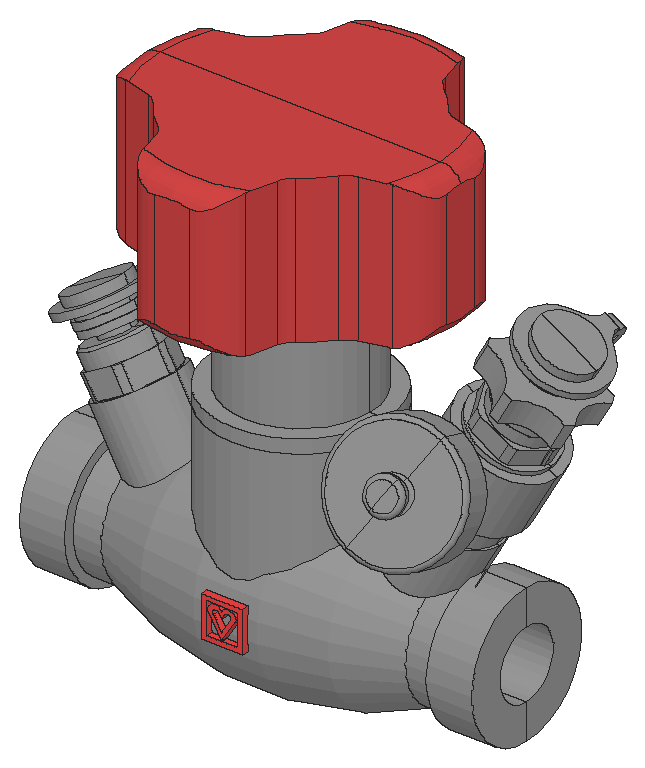
Revit family "HERZ Strömax клапан балансировочный с измерительными клапанами 4217 GML (LF-MF)", category Rohrzubehör, Revit 2019
Family settings
  Bemaßung runder Anschluss = Durchmesser verwenden
  Teiletyp = Unterbricht
  OmniClass-Nummer = 23.65.55.14
  OmniClass-Titel = Valves for Liquid Services
  Arbeitsebenenbasiert = Nein
  Immer vertikal = Ja
  Beim Laden mit Abzugskörper schneiden = Nein
  Gemeinsam genutzt = Nein
Parameters (values of type "LF")
  Среда = "Качество теплоносителя в соответствии с ÖNORM H5195 и VDI 2035.\r\nДопускается использование этилен- и пропиленгликоля в соотношении 25-50% с водой."
  Положение клапана при монтаже = "Неподнимающийся шпиндель, расположенный перпендикулярно оси клапана, обеспечивает доступность и лёгкость в обслуживании в любом монтажном положении."
  Область применения = "Балансировочные клапаны применяются для гидравлической балансировки систем отопления и охлаждения, регулировки магистральных трубопроводов, стояков, теплообменников, регистров отопления и охлаждения."
  Номер заказа [instance] = if(and(LF, Nennweite = 15.00 mm), 1421710, if(and(MF, Nennweite = 15.00 mm), 1421719, 0))  # 1421710
  Макс. рабочее давление = 1600000.0 Pa  # constant formula
  Макс. рабочая температура (с DN40) = 110 °C  # constant formula
  Макс. рабочая температура (до DN32) = 130 °C  # constant formula
  Корпус = "латунь, устойчивая к селективной цинковой коррозии"  # constant formula
  Исполнение = "STRÖMAX-GML Балансировочный клапан с измерительными клапанами и подключением импульсной трубки, 1/2′′ – 3′′.\r\nИсполнение с прямым невыдвижным шпинделем, муфта х муфта, латунный корпус без покрытия, уплотнение шпинделя двойным кольцевым уплотнением O-Ring, преднастройка посредством ограничения хода внутреннего шпинделя, цифровые показания степени настройки отображаются в окне маховика.\r\nОдин измерительный клапан расположен перед седлом балансировочного клапана, другой измерительный клапан с возможностью подключения импульсной трубки - после седла."
  Измерение перепада давления = "Клапаны STRÖMAX-GML оснащен двумя измерительными клапанами:\r\nс помощью измерительного прибора можно измерить перепад давления и по нему определить текущий расход в зависимости от степени преднастройки.\r\nHERZ Измерительный компьютер (1 8900 05) позволяет напрямую считывать расход (см. руководство к измерительным приборам)."
  kvs-значения [instance] = if(and(LF, Nennweite = 15.00 mm), 0.93, if(and(MF, Nennweite = 15.00 mm), 3.49, 0))  # 0.93
  W02 = 60.00°  # constant formula
  W01 = 30.00°  # constant formula
  URL = "www.herz-armaturen.ru"
  SC_NennweiteBerechnet = 0
  SC_Dimension = ""
  SCRNSEQ = "ARM;ARM_TYP=\"STRV\";2"
  SCRNCODE = "05;07;02"  # constant formula
  S02 = 60.00 mm  # constant formula
  S01 [instance] = H00 + H01  # 68.20 mm
  R01 [instance] = 21.00 mm  # constant formula
  Nennweite [instance] = 15.00 mm
  ML02 [instance] = 30.20 mm  # constant formula
  ML01 [instance] = 20.67 mm  # constant formula
  MF [instance] = no
  MD01 = 9.50 mm  # constant formula
  LF [instance] = yes
  L02 [instance] = 10.00 mm  # constant formula
  L01 [instance] = 16.30 mm  # constant formula
  L00 [instance] = 100.00 mm  # constant formula
  IG [instance] = Nennweite / 2  # 7.50 mm
  Hersteller = "HERZ Armaturen Ges.m.b.H."  # constant formula
  H04 [instance] = 2.50 mm  # constant formula
  H03 = 10.00 mm  # constant formula
  H02 [instance] = 3.00 mm  # constant formula
  H01 [instance] = 33.30 mm  # constant formula
  H00 [instance] = 34.90 mm  # constant formula
  Вес [instance] = if(and(LF, Nennweite = 15.00 mm), "0.98 kg", if(and(MF, Nennweite = 15.00 mm), "0.97 kg", "0 kg"))  # "0.98 kg"
  GT [instance] = 15.00 mm  # constant formula
  DN50-DN80 [instance] = H00 + H01  # 68.20 mm
  DN15-DN40 [instance] = H00 + H01  # 68.20 mm
  DN15 [instance] = Nennweite = 15.00 mm  # yes
  D06 [instance] = 15.40 mm  # constant formula
  D05 [instance] = 13.15 mm  # constant formula
  D04 = 9.00 mm  # constant formula
  D03 [instance] = 19.00 mm  # constant formula
  D02 [instance] = 15.25 mm  # constant formula
  D01 [instance] = 13.20 mm  # constant formula
Types (3, lengths in mm): name | Номер заказа | kvs-значения | MF | LF | Вес
  (no name) | 1421710 | 0.93 | no | yes | "0.98 kg"
  LF | 1421710 | 0.93 | no | yes | "0.98 kg"
  MF | 1421719 | 3.49 | yes | no | "0.97 kg"
Reference planes
  plane 1 "Mitte (Vorne/hinten)": y = 0
  plane 2: z = 0
  plane 3 "Mitte (Links/rechts)": x = 0
Forms (mm)
  Revolve 1, solid, material "Messing, weicher Gelbton, geschweißt", detail levels fine
    sketch origin (0, 0, 0) x (1, 0, 0) y (0, 0, 1)
      loop
        line (-50, 15.25) -> (-50, 7.5) -> (-35, 7.5) -> (-35, 0) -> (35, 0) -> (35, 7.5) -> (50, 7.5) -> (50, 15.25) -> (40, 15.25) -> (40, 13.2) -> (33.7, 13.2)
        arc (33.7, 13.2) -> (0, 21) -> (-33.7, 13.2) r 76.701
        line (-33.7, 13.2) -> (-40, 13.2) -> (-40, 15.25) -> (-50, 15.25)
      axis (-50, 0) -> (50, 0)
    angle from 0 to 360
  Revolve 2, solid, material "Messing, weicher Gelbton, geschweißt", detail levels fine
    sketch origin (0, 0, 0) x (1, 0, 0) y (0, 0, 1)
      loop
        line (20.67, 0) -> (35.77, 26.154) -> (27.543, 30.904) -> (12.443, 4.75) -> (20.67, 0)
      axis (20.67, 0) -> (35.77, 26.154)
    angle from 0 to 360
  Revolve 3, solid, material "Messing, weicher Gelbton, geschweißt", detail levels fine
    sketch origin (0, 0, 0) x (1, 0, 0) y (0, 0, 1)
      loop
        line (0, 0) -> (0, 34.9) -> (-19, 34.9) -> (-19, 0) -> (0, 0)
      axis (0, 34.9) -> (0, 0)
    angle from 0 to 360
  Revolve 4, solid, material "Messing, weicher Gelbton, geschweißt", detail levels fine
    sketch origin (0, 0, 0) x (-1, 0, 0) y (0, 0, 1)
      loop
        line (20.67, 0) -> (35.77, 26.154) -> (27.543, 30.904) -> (12.443, 4.75) -> (20.67, 0)
      axis (20.67, 0) -> (35.77, 26.154)
    angle from 0 to 360
  Revolve 5, solid, material "Messing, weicher Gelbton, geschweißt", detail levels fine
    sketch origin (0, 0, 0) x (1, 0, 0) y (0, 0, 1)
      loop
        line (0, 34.9) -> (0, 68.2) -> (-9, 68.2) -> (-9, 58.2) -> (-13.15, 58.2) -> (-13.15, 55.7) -> (-15.4, 55.7) -> (-15.4, 37.9) -> (-19, 37.9) -> (-19, 34.9) -> (0, 34.9)
      axis (0, 68.2) -> (0, 34.9)
    angle from 0 to 360
Lines and regions (mm)
  model lines, detail levels coarse+medium
    curve 1: line (-50, 0, 15.25) -> (-50, 0, -15.25)
    curve 2: line (-50, 0, -15.25) -> (50, 0, 15.25)
    curve 3: line (50, 0, 15.25) -> (50, 0, -15.25)
    curve 4: line (50, 0, -15.25) -> (-50, 0, 15.25)
    curve 5: line (0, 0, 0) -> (39.375, 0, 68.2)
    curve 6: line (13.395, 0, 83.2) -> (65.356, 0, 53.2)
    curve 7: line (-50, 15.25, 0) -> (-50, -15.25, 0)
    curve 8: line (-50, -15.25, 0) -> (50, 15.25, 0)
    curve 9: line (50, 15.25, 0) -> (50, -15.25, 0)
    curve 10: line (50, -15.25, 0) -> (-50, 15.25, 0)
    curve 11: line (0, 0, 0) -> (39.375, 68.2, 0)
    curve 12: line (13.395, 83.2, 0) -> (65.356, 53.2, 0)
Dimensions and locks
  "IG": Revolve 1 sketch curve to plane 2
  "GT": Revolve 1 sketch curve to Revolve 1 sketch curve  (x2)
  "IG": Revolve 1 sketch curve to Revolve 1 sketch curve
  "D01": Revolve 1 sketch curve to Revolve 1 sketch curve  (x2)
  "R01": Revolve 1 sketch curve to Revolve 1 sketch curve
  "L02": Revolve 1 sketch curve to Revolve 1 sketch curve  (x2)
  "L01": Revolve 1 sketch curve to Revolve 1 sketch curve  (x2)
  "D02": Revolve 1 sketch curve to plane 2  (x2)
  equal spacing: Revolve 1 sketch curve, plane 3 "Mitte (Links/rechts)", Revolve 1 sketch curve
  "L00": Revolve 1 sketch curve to Revolve 1 sketch curve
  "R01": nested 1 to plane 1 "Mitte (Vorne/hinten)"
  "ML01": Revolve 2 sketch curve to plane 3 "Mitte (Links/rechts)"
  "H00": Revolve 3 sketch curve to plane 2
  "D03": Revolve 3 sketch curve to Revolve 3 sketch curve
  "ML02": Revolve 2 sketch curve to Revolve 2 sketch curve
  "MD01": Revolve 2 sketch curve to Revolve 2 sketch curve  (x2)
  "ML02": Revolve 4 sketch curve to Revolve 4 sketch curve
  "MD01": Revolve 4 sketch curve to Revolve 4 sketch curve  (x2)
  "ML01": plane 3 "Mitte (Links/rechts)" to Revolve 4 sketch curve
  "H00": Revolve 5 sketch curve to plane 2
  "H01": Revolve 5 sketch curve to Revolve 5 sketch curve
  "D04": Revolve 5 sketch curve to Revolve 5 sketch curve
  "D03": Revolve 5 sketch curve to Revolve 5 sketch curve
  "D05": Revolve 5 sketch curve to Revolve 5 sketch curve
  "D06": Revolve 5 sketch curve to Revolve 5 sketch curve
  "H02": Revolve 5 sketch curve to Revolve 5 sketch curve
  "H03": Revolve 5 sketch curve to Revolve 5 sketch curve
  "H04": Revolve 5 sketch curve to Revolve 5 sketch curve
  "DN15-DN40": nested 2 to plane 2
  "D02": curve 4 to plane 2 to curve 2
  "D02": curve 3 to plane 2 to curve 4
  equal spacing: curve 1, plane 3 "Mitte (Links/rechts)", curve 3
  "L00": curve 1 to curve 3
  equal spacing: Revolve 1, curve 5, Revolve 1
  "S01": curve 5 to plane 2
  equal spacing: curve 6, curve 5, curve 6
  "S02": curve 6 to curve 6
  "D02": curve 8 to plane 1 "Mitte (Vorne/hinten)" to curve 10
  "D02": curve 10 to plane 1 "Mitte (Vorne/hinten)" to curve 9
  equal spacing: curve 7, plane 3 "Mitte (Links/rechts)", curve 9
  "L00": curve 7 to curve 9
  equal spacing: curve 7, curve 11, curve 9
  "S01": plane 1 "Mitte (Vorne/hinten)" to curve 11
  equal spacing: curve 12, curve 11, curve 12
  "S02": curve 12 to curve 12
  "W01": angle Revolve 2 sketch curve to plane 3 "Mitte (Links/rechts)"  (x2)
  "W01": angle plane 3 "Mitte (Links/rechts)" to Revolve 4 sketch curve  (x2)
  "W02": angle plane 2 to curve 5
  "W02": angle plane 1 "Mitte (Vorne/hinten)" to curve 11
  aligned and locked: level to plane 2
Automatic sketch dimensions
  Revolve 1 sketch curve to level = 0.00 mm  (x2)
  Revolve 1 sketch curve to Revolve 1 sketch curve = 1429.986 mm
  Revolve 1 sketch curve to Revolve 1 sketch curve = 1762.604 mm
  Revolve 2 sketch curve to level = 0.00 mm  (x2)
  Revolve 3 sketch curve to level = 0.00 mm
  Revolve 3 sketch curve to plane 3 "Mitte (Links/rechts)" = 0.00 mm  (x2)
  Revolve 3 sketch curve to Revolve 3 sketch curve = 366.045 mm
  Revolve 3 sketch curve to Revolve 3 sketch curve = 2179.415 mm
  Revolve 4 sketch curve to level = 0.00 mm  (x2)
  Revolve 5 sketch curve to plane 3 "Mitte (Links/rechts)" = 0.00 mm  (x2)
  Revolve 5 sketch curve to level = 366.045 mm
  Revolve 5 sketch curve to Revolve 5 sketch curve = 2146.115 mm
Nested families
  nested 1: "Herz-Logo-vorne" at (0, -21, 0) x (0, 1, 0) z (0, 0, 1), type "Herz-Logo-vorne", detail levels fine
  nested 2: "Strangregulierventil-Handrad-Gerade (Rot) DN15-DN40" at (0, 0, 68.2), visible <- "DN15", type "Strangregulierventil-Handrad-Gerade (Rot) DN15-DN40", detail levels fine
    with Nennweite 0.00 mm, Gewicht 0.00 kg, Bestellnummer 0
  nested 3: "Messstutzen_Band-KFE_Austritt_30Grad_(oben)" at (41.17, 0, 35.507), visible <- "DN15", type "Messstutzen_Band_Austritt_30Grad_(oben)", detail levels fine
    with Schutzkappe yes, Nennweite 0.00 mm, Gewicht 0.00 kg, Bestellnummer 0
  nested 4: "Messstutzen_Band_Eintritt_30Grad_(oben)" at (-27.02, 0, 10.999) x (-1, 0, 0) z (0, 0, 1), visible <- "DN15", type "Messstutzen_Band_Eintritt_30Grad_(oben)", detail levels fine
    with Schutzkappe yes, Nennweite 0.00 mm, Gewicht 0.00 kg, Bestellnummer 0
Connectors
  piping at (-35, 0, 0), diameter 15, driven by "Nennweite"
    settings: on Revolve 1, index 1, connector inside diameter 609.6 mm, connector length 0.00 mm, flow factor 0, pipe flow 0.0 L/s, pressure drop 0.0 Pa, fitting loss kfactor 0, connector angle 0.00°, fixture units 0, engagement length 0.00 mm, angle of deflection 0.00°, flow configuration 0, flow direction 1, fitting loss method 0, system type 29, joint type 0, gender type 0, connector reference index -1, connector utility 0, adjustable connector no, is connector primary yes, connector description ""
  piping at (35, 0, 0), diameter 15, driven by "Nennweite"
    settings: on Revolve 1, index 2, connector inside diameter 609.6 mm, connector length 0.00 mm, flow factor 0, pipe flow 0.0 L/s, pressure drop 0.0 Pa, fitting loss kfactor 0, connector angle 0.00°, fixture units 0, engagement length 0.00 mm, angle of deflection 0.00°, flow configuration 0, flow direction 2, fitting loss method 0, system type 29, joint type 0, gender type 0, connector reference index -1, connector utility 0, adjustable connector no, is connector primary no, connector description ""
Definition of nested family "Herz-Logo-vorne"
  Reference planes
    plane 1 "Mitte (Vorne/hinten)": y = 0
    plane 2: z = 0
    plane 3 "Mitte (Links/rechts)": x = 0
  Forms (mm)
    Extrusion 1, solid
      sketch origin (0.732, -0.018, 0.017) x (0, -1, 0) y (0, 0, 1)
        loop
          line (-0.018, -4.517) -> (4.482, -4.517) -> (4.482, 4.483) -> (-4.518, 4.483) -> (-4.518, -4.517) -> (-0.018, -4.517)
        loop
          line (-0.05, -3.48) -> (3.482, -3.48) -> (3.482, 3.483) -> (-3.518, 3.483) -> (-3.518, -3.48) -> (-0.05, -3.48)
        loop
          arc (-0.018, 2.383) -> (-1.543, 3.287) -> (-3.067, 2.383) r 1.738
          arc (-3.067, 2.383) -> (-3.191, 1.899) -> (-3.067, 1.415) r 1.009
          line (-3.067, 1.415) -> (-0.018, -3.281) -> (3.032, 1.415)
          arc (3.032, 1.415) -> (3.156, 1.899) -> (3.032, 2.383) r 1.009
          arc (3.032, 2.383) -> (1.507, 3.287) -> (-0.018, 2.383) r 1.738
        loop
          arc (1.885, 1.272) -> (2.005, 1.675) -> (1.885, 2.079) r 0.74
          arc (1.885, 2.079) -> (1.265, 2.416) -> (0.644, 2.079) r 0.74
          line (0.644, 2.079) -> (-0.018, 0.97) -> (-0.679, 2.079)
          arc (-0.679, 2.079) -> (-1.3, 2.416) -> (-1.921, 2.079) r 0.74
          arc (-1.921, 2.079) -> (-2.04, 1.675) -> (-1.921, 1.272) r 0.74
          line (-1.921, 1.272) -> (-0.018, -1.658) -> (1.885, 1.272)
      from 0 to 1.5
  Dimensions and locks
    aligned and locked: level to plane 2
Definition of nested family "Strangregulierventil-Handrad-Gerade (Rot) DN15-DN40"
  Parameters (values of type "Strangregulierventil-Handrad-Gerade (Rot) DN15-DN40")
    URL = "www.herz-armaturen.at"
    Nennweite [instance] = 0.00 mm
    Manufacturer = "Herz Armaturen GmbH"  # constant formula
    Gewicht [instance] = 0.00 kg
    Bestellnummer [instance] = 0
  Reference planes
    plane 1 "Mitte (Vorne/hinten)": y = 0
    plane 2: z = 0
    plane 3 "Mitte (Links/rechts)": x = 0
  Forms (mm)
    Revolve 1, solid, detail levels fine
      sketch origin (0, 0, 0) x (1, 0, 0) y (0, 0, 1)
        loop
          line (0, 0) -> (0, 24.95) -> (-30.992, 24.95)
          arc (-30.992, 24.95) -> (-34.37, 23.636) -> (-35.973, 20.386) r 5
          line (-35.973, 20.386) -> (-37, 8.65) -> (-35.986, -2.936)
          arc (-35.986, -2.936) -> (-34.383, -6.186) -> (-31.005, -7.5) r 5
          line (-31.005, -7.5) -> (-15, -7.5) -> (-15, 0) -> (0, 0)
        axis (0, 24.95) -> (0, -7.5)
      angle from 0 to 360
    Extrusion 2, void
      sketch origin (0, 0, 20.3) x (1, 0, 0) y (0, 1, 0)
        loop
          line (3.861, 35.5) -> (-3.861, 35.5)
          arc (-3.861, 35.5) -> (-8.731, 33.847) -> (-11.589, 29.571) r 8
          line (-11.589, 29.571) -> (-13.284, 23.245)
          arc (-13.284, 23.245) -> (-13.982, 21.722) -> (-15.144, 20.516) r 5
          arc (-15.144, 20.516) -> (-18.031, 18.031) -> (-20.516, 15.144) r 25.5
          arc (-20.516, 15.144) -> (-21.722, 13.982) -> (-23.245, 13.284) r 5
          line (-23.245, 13.284) -> (-29.571, 11.589)
          arc (-29.571, 11.589) -> (-33.847, 8.731) -> (-35.5, 3.861) r 8
          line (-35.5, 3.861) -> (-35.5, -3.861)
          arc (-35.5, -3.861) -> (-33.847, -8.731) -> (-29.571, -11.589) r 8
          line (-29.571, -11.589) -> (-23.245, -13.284)
          arc (-23.245, -13.284) -> (-21.722, -13.982) -> (-20.516, -15.144) r 5
          arc (-20.516, -15.144) -> (-18.031, -18.031) -> (-15.144, -20.516) r 25.5
          arc (-15.144, -20.516) -> (-13.982, -21.722) -> (-13.284, -23.245) r 5
          line (-13.284, -23.245) -> (-11.589, -29.571)
          arc (-11.589, -29.571) -> (-8.731, -33.847) -> (-3.861, -35.5) r 8
          line (-3.861, -35.5) -> (3.861, -35.5)
          arc (3.861, -35.5) -> (8.731, -33.847) -> (11.589, -29.571) r 8
          line (11.589, -29.571) -> (13.284, -23.245)
          arc (13.284, -23.245) -> (13.982, -21.722) -> (15.144, -20.516) r 5
          arc (15.144, -20.516) -> (18.031, -18.031) -> (20.516, -15.144) r 25.5
          arc (20.516, -15.144) -> (21.722, -13.982) -> (23.245, -13.284) r 5
          line (23.245, -13.284) -> (29.571, -11.589)
          arc (29.571, -11.589) -> (33.847, -8.731) -> (35.5, -3.861) r 8
          line (35.5, -3.861) -> (35.5, 3.861)
          arc (35.5, 3.861) -> (33.847, 8.731) -> (29.571, 11.589) r 8
          line (29.571, 11.589) -> (23.245, 13.284)
          arc (23.245, 13.284) -> (21.722, 13.982) -> (20.516, 15.144) r 5
          arc (20.516, 15.144) -> (18.031, 18.031) -> (15.144, 20.516) r 25.5
          arc (15.144, 20.516) -> (13.982, 21.722) -> (13.284, 23.245) r 5
          line (13.284, 23.245) -> (11.589, 29.571)
          arc (11.589, 29.571) -> (8.731, 33.847) -> (3.861, 35.5) r 8
        loop
          circle (0, 0) r 38
      from -31.266 to 7.923
  Cuts and joins
    Extrusion 2 cuts Revolve 1
  Dimensions and locks
    Revolve 1 sketch curve to Revolve 1 sketch curve = 15.00 mm
    Revolve 1 sketch curve to Revolve 1 sketch curve = 16.15 mm
    Revolve 1 sketch curve to Revolve 1 sketch curve = 16.30 mm
    angle Revolve 1 sketch curve to Revolve 1 sketch curve = 95.00°
    aligned and locked: level to plane 2
Definition of nested family "Messstutzen_Band-KFE_Austritt_30Grad_(oben)"
  Parameters (values of type "Messstutzen_Band-KFE_Austritt_30Grad_(oben)")
    URL = "www.herz-armaturen.at"
    Schutzkappe [instance] = yes
    Nennweite [instance] = 0.00 mm
    Manufacturer = "Herz Armaturen GmbH"  # constant formula
    Gewicht [instance] = 0.00 kg
    Bestellnummer [instance] = 0
  Reference planes
    plane 1 "Mitte (Vorne/hinten)": y = 0
    plane 2: z = 0
    plane 3 "Mitte (Links/rechts)": x = 0
  Forms (mm)
    Revolve 1, solid, detail levels fine
      sketch origin (0, 0, 0) x (0.866025, 0, -0.5) y (0.5, 0, 0.866025)
        loop
          line (-7.4, 9) -> (-5.55, 9) -> (-5.55, 6)
          arc (-5.55, 6) -> (-5.626, 5.617) -> (-5.843, 5.293) r 1
          line (-5.843, 5.293) -> (-6.455, 4.681) -> (-6.455, 0.9) -> (-5.555, 0) -> (-2, 0) -> (-2, 23) -> (-2, 35.8) -> (-3.805, 35.8) -> (-4.415, 35.19) -> (-4.415, 30.863) -> (-3.7, 30.45) -> (-3.7, 27) -> (-7.4, 27) -> (-7.4, 9)
        axis (0, 0) -> (0, 35.8)
      angle from 0 to 360
    Extrusion 2, solid, detail levels fine
      sketch origin (8.75, 0, 15.155) x (0, 1, 0) y (-0.866025, 0, 0.5)
        loop
          arc (-7.07, 5.156) -> (-7.578, 4.375) -> (-8, 3.544) r 8.75
          line (-8, 3.544) -> (-8, -3.544)
          arc (-8, -3.544) -> (-7.578, -4.375) -> (-7.07, -5.156) r 8.75
          line (-7.07, -5.156) -> (-0.93, -8.7)
          arc (-0.93, -8.7) -> (0, -8.75) -> (0.93, -8.7) r 8.75
          line (0.93, -8.7) -> (7.07, -5.156)
          arc (7.07, -5.156) -> (7.578, -4.375) -> (8, -3.544) r 8.75
          line (8, -3.544) -> (8, 3.544)
          arc (8, 3.544) -> (7.578, 4.375) -> (7.07, 5.156) r 8.75
          line (7.07, 5.156) -> (0.93, 8.7)
          arc (0.93, 8.7) -> (0, 8.75) -> (-0.93, 8.7) r 8.75
          line (-0.93, 8.7) -> (-7.07, 5.156)
      from -5.51 to -1.21
    Revolve 3, solid, visible <- "Schutzkappe", detail levels fine
      sketch origin (0, 0, 0) x (0.866025, 0, -0.5) y (0.5, 0, 0.866025)
        loop
          line (0, 35.878) -> (0, 36.678) -> (-7, 36.678) -> (-7, 33.378) -> (-6.1, 33.378) -> (-6.1, 31.678) -> (-6.9, 31.678) -> (-6.9, 30.178) -> (-4.415, 30.178) -> (-4.415, 35.268) -> (-3.805, 35.878) -> (0, 35.878)
        axis (0, 30.178) -> (0, 36.678)
      angle from 0 to 360
    Extrusion 4, solid, detail levels fine
      sketch origin (15, 0, 25.981) x (0, 1, 0) y (0.866025, 0, -0.5)
        loop
          circle (0, 0) r 3.7
        loop
          arc (5.505, -3.906) -> (7.288, -2.358) -> (9.582, -1.8) r 5
          line (9.582, -1.8) -> (9.582, 1.8)
          arc (9.582, 1.8) -> (7.288, 2.358) -> (5.505, 3.906) r 5
          arc (5.505, 3.906) -> (-6.75, 0) -> (5.505, -3.906) r 6.75
      from 0 to -1.5
    Extrusion 5, solid, detail levels fine
      sketch origin (16.589, 0, 28.733) x (0, 1, 0) y (0.866025, 0, -0.5)
        loop
          circle (0, 0) r 6.1
        loop
          arc (8.652, -4.495) -> (10.493, -2.527) -> (13.089, -1.8) r 5
          line (13.089, -1.8) -> (13.089, 1.8)
          arc (13.089, 1.8) -> (10.493, 2.527) -> (8.652, 4.495) r 5
          arc (8.652, 4.495) -> (-9.75, 0) -> (8.652, -4.495) r 9.75
      from 0 to -1.5
    Sweep 6, solid, detail levels fine
      path origin (0, 0, 0) x (-0.5, 0, -0.866025) y (0, 1, 0)
        loop
          line (-29.25, 9.582) -> (-29.25, 14.522)
          arc (-29.25, 14.522) -> (-30.839, 16.112) -> (-32.428, 14.522) r 1.589
          line (-32.428, 14.522) -> (-32.428, 13.089)
      profile origin (14.625, 12.052, 25.331) x (0.5, 0, 0.866025) y (0.866025, 0, -0.5)
        loop
          line (-0.75, -1.8) -> (0.75, -1.8) -> (0.75, 1.8) -> (-0.75, 1.8) -> (-0.75, -1.8)
    Extrusion 7, solid, detail levels fine
      sketch origin (-87.639, 0, 50.598) x (0.866025, 0, -0.5) y (0, 1, 0)
        loop
          arc (112.053, 5.113) -> (111.589, 6) -> (111.053, 6.845) r 12
          arc (111.053, 6.845) -> (105.696, 7.794) -> (102.196, 11.958) r 7.971
          arc (102.196, 11.958) -> (101.196, 12) -> (100.196, 11.958) r 12
          arc (100.196, 11.958) -> (96.696, 7.794) -> (91.34, 6.845) r 7.971
          arc (91.34, 6.845) -> (90.804, 6) -> (90.34, 5.113) r 12
          arc (90.34, 5.113) -> (92.196, 0) -> (90.34, -5.113) r 7.971
          arc (90.34, -5.113) -> (90.804, -6) -> (91.34, -6.845) r 12
          arc (91.34, -6.845) -> (96.696, -7.794) -> (100.196, -11.958) r 7.971
          arc (100.196, -11.958) -> (101.196, -12) -> (102.196, -11.958) r 12
          arc (102.196, -11.958) -> (105.696, -7.794) -> (111.053, -6.845) r 7.971
          arc (111.053, -6.845) -> (111.589, -6) -> (112.053, -5.113) r 12
          arc (112.053, -5.113) -> (110.196, 0) -> (112.053, 5.113) r 7.971
      from 22.3 to 28.5
    Revolve 8, solid, detail levels fine
      sketch origin (-47.563, 0, 4.367) x (-0.866025, 0, 0.5) y (0.5, 0, 0.866025)
        loop
          line (-43.374, 0) -> (-37.874, 0) -> (-36.774, 1.1) -> (-36.774, 4.9) -> (-37.874, 6) -> (-37.874, 8.4) -> (-36.424, 8.4) -> (-36.424, 9.2) -> (-34.424, 9.2) -> (-34.424, 15.59) -> (-31.874, 15.59) -> (-31.874, 30.99) -> (-33.874, 30.99) -> (-33.874, 31.99) -> (-43.374, 31.99) -> (-43.374, 0)
        loop
          line (-43.374, 39) -> (-43.374, 36.29) -> (-35.874, 36.29) -> (-35.874, 39) -> (-43.374, 39)
        axis (-43.374, 39) -> (-43.374, 0)
      angle from 0 to 360
    Revolve 9, solid, detail levels fine
      sketch origin (0, 0, 0) x (0, -1, 0) y (0.5, 0, 0.866025)
        loop
          line (0, -1.01) -> (32.627, 14.204) -> (27.556, 25.08) -> (25.934, 25.67) -> (21.602, 23.65) -> (14.873, 11.994) -> (-2.324, 3.975) -> (0, -1.01)
        axis (32.627, 14.204) -> (0, -1.01)
      angle from 0 to 360
    Revolve 10, solid, detail levels fine
      sketch origin (-19.899, -51.188, -34.465) x (-0.453154, -0.422618, -0.784886) y (0.211309, -0.906308, 0.365998)
        loop
          line (-56.786, 8) -> (-45.747, 8) -> (-45.747, 0) -> (-43.834, 0) -> (-42.786, 1.048) -> (-42.786, 8.048)
          arc (-42.786, 8.048) -> (-43.065, 8.721) -> (-43.738, 9) r 0.952
          line (-43.738, 9) -> (-52.974, 9)
          arc (-52.974, 9) -> (-53.548, 9.238) -> (-53.786, 9.812) r 0.812
          line (-53.786, 9.812) -> (-53.786, 12) -> (-52.786, 12) -> (-52.786, 13.03)
          arc (-52.786, 13.03) -> (-53.07, 13.716) -> (-53.756, 14) r 0.97
          line (-53.756, 14) -> (-56.786, 14) -> (-56.786, 8)
        axis (-56.786, 14) -> (-56.786, 0)
      angle from 0 to 360
  Dimensions and locks
    aligned and locked: level to plane 2
Definition of nested family "Messstutzen_Band_Eintritt_30Grad_(oben)"
  Parameters (values of type "Messstutzen_Band_Eintritt_30Grad_(oben)")
    URL = "www.herz-armaturen.at"
    Schutzkappe [instance] = yes
    Nennweite [instance] = 0.00 mm
    Manufacturer = "Herz Armaturen GmbH"  # constant formula
    Gewicht [instance] = 0.00 kg
    Bestellnummer [instance] = 0
  Reference planes
    plane 1 "Mitte (Vorne/hinten)": y = 0
    plane 2: z = 0
    plane 3 "Mitte (Links/rechts)": x = 0
  Forms (mm)
    Revolve 1, solid, detail levels fine
      sketch origin (0, 0, 0) x (0.866025, 0, -0.5) y (0.5, 0, 0.866025)
        loop
          line (-7.4, 9) -> (-5.55, 9) -> (-5.55, 6)
          arc (-5.55, 6) -> (-5.626, 5.617) -> (-5.843, 5.293) r 1
          line (-5.843, 5.293) -> (-6.455, 4.681) -> (-6.455, 0.9) -> (-5.555, 0) -> (-2, 0) -> (-2, 17.5) -> (-8.4, 17.5)
          arc (-8.4, 17.5) -> (-7.693, 17.207) -> (-7.4, 16.5) r 1
          line (-7.4, 16.5) -> (-7.4, 9)
        loop
          line (-3.7, 27) -> (-7.3, 27) -> (-7.9, 26.4) -> (-7.9, 23) -> (-2, 23) -> (-2, 35.8) -> (-3.805, 35.8) -> (-4.415, 35.19) -> (-4.415, 30.863) -> (-3.7, 30.45) -> (-3.7, 27)
        axis (0, 0) -> (0, 35.8)
      angle from 0 to 360
    Extrusion 2, solid, detail levels fine
      sketch origin (8.75, 0, 15.155) x (0, 1, 0) y (-0.866025, 0, 0.5)
        loop
          arc (-7.07, 5.156) -> (-7.578, 4.375) -> (-8, 3.544) r 8.75
          line (-8, 3.544) -> (-8, -3.544)
          arc (-8, -3.544) -> (-7.578, -4.375) -> (-7.07, -5.156) r 8.75
          line (-7.07, -5.156) -> (-0.93, -8.7)
          arc (-0.93, -8.7) -> (0, -8.75) -> (0.93, -8.7) r 8.75
          line (0.93, -8.7) -> (7.07, -5.156)
          arc (7.07, -5.156) -> (7.578, -4.375) -> (8, -3.544) r 8.75
          line (8, -3.544) -> (8, 3.544)
          arc (8, 3.544) -> (7.578, 4.375) -> (7.07, 5.156) r 8.75
          line (7.07, 5.156) -> (0.93, 8.7)
          arc (0.93, 8.7) -> (0, 8.75) -> (-0.93, 8.7) r 8.75
          line (-0.93, 8.7) -> (-7.07, 5.156)
      from 0 to 5.5
    Revolve 3, solid, visible <- "Schutzkappe", detail levels fine
      sketch origin (0, 0, 0) x (0.866025, 0, -0.5) y (0.5, 0, 0.866025)
        loop
          line (0, 35.878) -> (0, 36.678) -> (-7, 36.678) -> (-7, 33.378) -> (-6.1, 33.378) -> (-6.1, 31.678) -> (-6.9, 31.678) -> (-6.9, 30.178) -> (-4.415, 30.178) -> (-4.415, 35.268) -> (-3.805, 35.878) -> (0, 35.878)
        axis (0, 30.178) -> (0, 36.678)
      angle from 0 to 360
    Extrusion 4, solid, detail levels fine
      sketch origin (14.25, 0, 24.682) x (0, 1, 0) y (0.866025, 0, -0.5)
        loop
          circle (0, 0) r 3.7
        loop
          arc (5.505, -3.906) -> (7.288, -2.358) -> (9.582, -1.8) r 5
          line (9.582, -1.8) -> (9.582, 1.8)
          arc (9.582, 1.8) -> (7.288, 2.358) -> (5.505, 3.906) r 5
          arc (5.505, 3.906) -> (-6.75, 0) -> (5.505, -3.906) r 6.75
      from 0 to -1.5
    Extrusion 5, solid, detail levels fine
      sketch origin (16.589, 0, 28.733) x (0, 1, 0) y (0.866025, 0, -0.5)
        loop
          circle (0, 0) r 6.1
        loop
          arc (8.652, -4.495) -> (10.493, -2.527) -> (13.089, -1.8) r 5
          line (13.089, -1.8) -> (13.089, 1.8)
          arc (13.089, 1.8) -> (10.493, 2.527) -> (8.652, 4.495) r 5
          arc (8.652, 4.495) -> (-9.75, 0) -> (8.652, -4.495) r 9.75
      from 0 to -1.5
    Sweep 6, solid, detail levels fine
      path origin (0.933, -0.183, 1.116) x (-0.5, 0, -0.866025) y (0, 1, 0)
        loop
          line (-27.75, 9.582) -> (-27.75, 14.522)
          arc (-27.75, 14.522) -> (-30.089, 16.862) -> (-32.428, 14.522) r 2.339
          line (-32.428, 14.522) -> (-32.428, 13.089)
      profile origin (14.808, 11.869, 25.148) x (0.5, 0, 0.866025) y (0.866025, 0, -0.5)
        loop
          line (-0.75, -1.8) -> (0.75, -1.8) -> (0.75, 1.8) -> (-0.75, 1.8) -> (-0.75, -1.8)
  Dimensions and locks
    aligned and locked: level to plane 2
